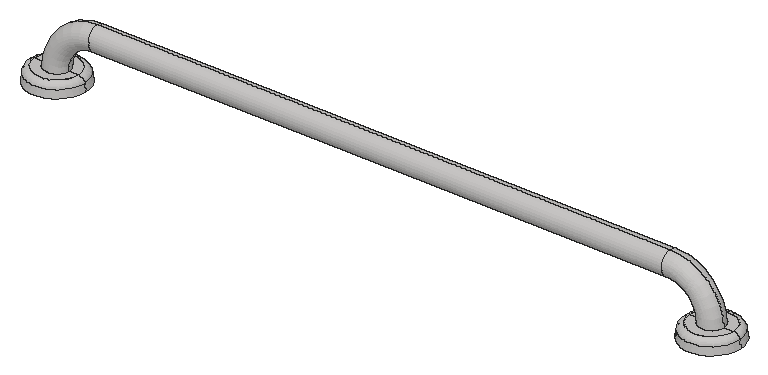
Revit family "84790040 virtu comfort grab rail 900mm", category Plumbing Fixtures, host Face, Revit 2015
Parameters (values of type "Virtu Comfort Grab Rail 900mm")
  Waste Connection = no
  Vent Connection = no
  URL = "https://www.caroma.com.au/"
  Rail_Width = 900 mm
  Rail_Height = 73 mm
  Model = "84790040"
  Material_Base = GWA_Metal-Stainless
  Manufacturer = "GWA Bathrooms & Kitchens"  # constant formula
  HW Connection = no
  Description = "Virtu Comfort Grab Rail 900mm"
  Default Elevation = 0 mm
  CreatedBy_ANZRS = "GWA Bathrooms & Kitchens"  # constant formula
  CW Connection = no
  Assembly Code = "C1030200"
Reference planes
  plane 1 "Center (Front/Back)": y = 0
  plane 2: z = 0
  plane 3 "Center (Left/Right)": x = 0
  plane 4 "Left": x = -450
  plane 5 "Right": x = 450
  plane 6 "Rail_Centre": z = 73
Forms (mm)
  Revolve 1, solid, material "GWA_Metal-Stainless" <- "Material_Base"
    sketch origin (0, 0, 0) x (1, 0, 0) y (0, 0, 1)
      loop
        line (-467, 16.9) -> (-467, 18) -> (-479.753, 18)
        arc (-479.753, 18) -> (-485.44, 15.817) -> (-488.206, 10.39) r 8.5
        line (-488.206, 10.39) -> (-489.3, 0) -> (-488.194, 0) -> (-487.112, 10.275)
        arc (-487.112, 10.275) -> (-484.704, 15) -> (-479.753, 16.9) r 7.4
        line (-479.753, 16.9) -> (-467, 16.9)
      axis (-450, 18) -> (-450, 0)
    angle from 0 to 360
  Revolve 2, solid, material "GWA_Metal-Stainless" <- "Material_Base"
    sketch origin (300, 0, 0) x (1, 0, 0) y (0, 0, 1)
      loop
        line (133, 16.9) -> (133, 18) -> (120.247, 18)
        arc (120.247, 18) -> (114.56, 15.817) -> (111.794, 10.39) r 8.5
        line (111.794, 10.39) -> (110.7, 0) -> (111.806, 0) -> (112.888, 10.275)
        arc (112.888, 10.275) -> (115.296, 15) -> (120.247, 16.9) r 7.4
        line (120.247, 16.9) -> (133, 16.9)
      axis (150, 18) -> (150, 0)
    angle from 0 to 360
  Sweep 3, solid, material "GWA_Metal-Stainless" <- "Material_Base"
    path origin (0, 0, 0) x (1, 0, 0) y (0, 0, 1)
      loop
        line (-450, 0) -> (-450, 17)
        arc (-450, 17) -> (-433.598, 56.598) -> (-394, 73) r 56
        line (-394, 73) -> (394, 73)
        arc (394, 73) -> (433.598, 56.598) -> (450, 17) r 56
        line (450, 17) -> (450, 0)
    profile origin (-450, 0, 8.5) x (-1, 0, 0) y (0, -1, 0)
      loop
        circle (0, 0) r 16
Lines and regions (mm)
  Masking region 1
    outline origin (0, 0, 40) x (-1, 0, 0) y (0, -1, 0)
      loop
        arc (414.104, -16) -> (489.3, 0) -> (414.104, 16) r 39.3
        line (414.104, 16) -> (-414.104, 16)
        arc (-414.104, 16) -> (-489.3, 0) -> (-414.104, -16) r 39.3
        line (-414.104, -16) -> (414.104, -16)
  Masking region 2
    outline origin (0, 0, 0) x (1, 0, 0) y (0, 0, 1)
      loop
        line (-489.3, 0) -> (-410.7, 0) -> (-411.792, 10.388)
        arc (-411.792, 10.388) -> (-414.558, 15.817) -> (-420.245, 18) r 8.5
        line (-420.245, 18) -> (-433.987, 18)
        arc (-433.987, 18) -> (-421.928, 45.636) -> (-394, 57) r 40
        line (-394, 57) -> (394, 57)
        arc (394, 57) -> (421.928, 45.636) -> (433.987, 18) r 40
        line (433.987, 18) -> (420.245, 18)
        arc (420.245, 18) -> (414.558, 15.817) -> (411.792, 10.388) r 8.5
        line (411.792, 10.388) -> (410.7, 0) -> (489.3, 0) -> (488.208, 10.388)
        arc (488.208, 10.388) -> (485.442, 15.817) -> (479.755, 18) r 8.5
        line (479.755, 18) -> (465.993, 18)
        arc (465.993, 18) -> (444.557, 68.264) -> (394, 89) r 72
        line (394, 89) -> (-394, 89)
        arc (-394, 89) -> (-444.557, 68.264) -> (-465.993, 18) r 72
        line (-465.993, 18) -> (-479.755, 18)
        arc (-479.755, 18) -> (-485.442, 15.817) -> (-488.208, 10.388) r 8.5
        line (-488.208, 10.388) -> (-489.3, 0)
  Masking region 3
    outline origin (0, 0, 0) x (0, 1, 0) y (0, 0, 1)
      loop
        line (-39.3, 0) -> (39.3, 0) -> (38.208, 10.388)
        arc (38.208, 10.388) -> (35.442, 15.817) -> (29.755, 18) r 8.5
        line (29.755, 18) -> (16, 18) -> (16, 73)
        arc (16, 73) -> (0, 89) -> (-16, 73) r 16
        line (-16, 73) -> (-16, 18) -> (-29.755, 18)
        arc (-29.755, 18) -> (-35.442, 15.817) -> (-38.208, 10.388) r 8.5
        line (-38.208, 10.388) -> (-39.3, 0)
  symbolic lines
    curve 1: arc (-467, 0, 40) -> (-459.758, 13.92, 40) -> (-444.203, 15.981, 40) r 17
    curve 2: arc (-444.203, -15.981, 40) -> (-459.758, -13.92, 40) -> (-467, 0, 40) r 17
    curve 3: arc (-414.104, 16, 40) -> (-489.3, 0, 40) -> (-414.104, -16, 40) r 39.3
    curve 4: arc (444.255, 16, 40) -> (467, 0, 40) -> (444.255, -16, 40) r 17
    curve 5: line (450, 16, 40) -> (414.104, 16, 40)
    curve 6: line (450, -16, 40) -> (414.104, -16, 40)
    curve 7: arc (450, 16, 40) -> (466, 0, 40) -> (450, -16, 40) r 16
    curve 8: arc (-450, -16, 40) -> (-466, 0, 40) -> (-450, 16, 40) r 16
    curve 9: arc (-444.203, 15.981, 40) -> (-467, 0, 40) -> (-444.203, -15.981, 40) r 17
    curve 10: line (-450, 16, 40) -> (-414.104, 16, 40)
    curve 11: line (-465.993, 0, 18) -> (-433.987, 0, 18)
    curve 12: line (433.987, 0, 18) -> (465.993, 0, 18)
    curve 13: line (0, -16, 18) -> (0, 16, 18)
    curve 14: line (-414.104, -16, 40) -> (-450, -16, 40)
Dimensions and locks
  "Rail_Width": plane 4 "Left" to plane 5 "Right"
  equal spacing: plane 4 "Left", plane 3 "Center (Left/Right)", plane 5 "Right"
  "Rail_Height": plane 6 "Rail_Centre" to host face
  aligned and locked: plane 2 to host face
  aligned and locked: level to host face
Automatic sketch dimensions
  host sketch curve to host sketch curve = 2438.4 mm  (x2)
  Revolve 1 sketch curve to Revolve 1 sketch curve = 0 mm  (x2)
  Revolve 1 sketch curve to level = 0 mm
  Revolve 1 sketch curve to plane 4 "Left" = 0 mm
  Revolve 1 sketch curve to plane 4 "Left" = 17 mm
  Revolve 1 sketch curve to Revolve 1 sketch curve = 12.753 mm
  level to Revolve 1 sketch curve = 10.275 mm
  Revolve 1 sketch curve to Revolve 1 sketch curve = 7.359 mm
  Revolve 1 sketch curve to Revolve 1 sketch curve = 1.082 mm
  level to Revolve 1 sketch curve = 10.39 mm
  Revolve 1 sketch curve to Revolve 1 sketch curve = 1.094 mm
  Revolve 1 sketch curve to Revolve 1 sketch curve = 1.106 mm
  Revolve 1 sketch curve to Revolve 1 sketch curve = 0.775 mm
  level to Revolve 1 sketch curve = 7.862 mm
  Revolve 1 sketch curve to Revolve 1 sketch curve = 12.173 mm
  Revolve 2 sketch curve to Revolve 2 sketch curve = 0 mm  (x2)
  Revolve 2 sketch curve to level = 0 mm
  Revolve 2 sketch curve to plane 5 "Right" = 0 mm
  Revolve 2 sketch curve to plane 5 "Right" = 17 mm
  Revolve 2 sketch curve to Revolve 2 sketch curve = 12.753 mm
  level to Revolve 2 sketch curve = 10.275 mm
  Revolve 2 sketch curve to Revolve 2 sketch curve = 7.359 mm
  Revolve 2 sketch curve to Revolve 2 sketch curve = 1.082 mm
  level to Revolve 2 sketch curve = 10.39 mm
  Revolve 2 sketch curve to Revolve 2 sketch curve = 1.094 mm
  Revolve 2 sketch curve to Revolve 2 sketch curve = 1.106 mm
  Revolve 2 sketch curve to Revolve 2 sketch curve = 0.775 mm
  level to Revolve 2 sketch curve = 7.862 mm
  Revolve 2 sketch curve to Revolve 2 sketch curve = 12.173 mm
  Sweep 3 sketch curve to plane 4 "Left" = 0 mm
  Sweep 3 sketch curve to plane 6 "Rail_Centre" = 0 mm
  Sweep 3 sketch curve to plane 5 "Right" = 0 mm
  Sweep 3 sketch curve to level = 0 mm  (x2)
  plane 4 "Left" to Sweep 3 sketch curve = 56 mm
  level to Sweep 3 sketch curve = 17 mm
  plane 1 "Center (Front/Back)" to Sweep 3 sketch curve = 0 mm
  Sweep 3 sketch curve to profile plane = 0 mm
  Masking region 1 sketch curve to plane 5 "Right" = 0 mm
  Masking region 1 sketch curve to plane 5 "Right" = 35.896 mm
  Masking region 1 sketch curve to plane 1 "Center (Front/Back)" = 16 mm
  plane 4 "Left" to Masking region 1 sketch curve = 35.896 mm
  Masking region 1 sketch curve to Masking region 1 sketch curve = 0 mm
  plane 1 "Center (Front/Back)" to Masking region 1 sketch curve = 0 mm  (x2)
  Masking region 1 sketch curve to plane 4 "Left" = 0 mm
  Masking region 2 sketch curve to Masking region 2 sketch curve = 0 mm  (x4)
  Masking region 2 sketch curve to level = 0 mm  (x2)
  Masking region 2 sketch curve to plane 4 "Left" = 39.3 mm
  level to Masking region 2 sketch curve = 10.388 mm  (x4)
  Masking region 2 sketch curve to Masking region 2 sketch curve = 1.092 mm  (x4)
  Masking region 2 sketch curve to Masking region 2 sketch curve = 8.453 mm  (x4)
  Masking region 2 sketch curve to plane 4 "Left" = 15.993 mm
  level to Masking region 2 sketch curve = 9.5 mm  (x2)
  Masking region 2 sketch curve to plane 6 "Rail_Centre" = 16 mm
  plane 5 "Right" to Masking region 2 sketch curve = 15.993 mm
  plane 5 "Right" to Masking region 2 sketch curve = 29.755 mm
  plane 4 "Left" to Masking region 2 sketch curve = 16.013 mm
  Masking region 2 sketch curve to Masking region 2 sketch curve = 0.888 mm  (x2)
  plane 6 "Rail_Centre" to Masking region 2 sketch curve = 16 mm
  Masking region 2 sketch curve to Masking region 2 sketch curve = 16.7 mm
  Masking region 2 sketch curve to Masking region 2 sketch curve = 13.742 mm  (x2)
  curve 11 to plane 4 "Left" = 15.993 mm
  level to curve 11 = 18 mm
  plane 4 "Left" to curve 11 = 16.013 mm
  curve 12 to plane 5 "Right" = 16.013 mm
  plane 5 "Right" to curve 12 = 15.993 mm
  level to curve 12 = 18 mm
  Masking region 3 sketch curve to level = 0 mm
  Masking region 3 sketch curve to plane 1 "Center (Front/Back)" = 0 mm
  plane 1 "Center (Front/Back)" to Masking region 3 sketch curve = 16 mm
  Masking region 3 sketch curve to Masking region 3 sketch curve = 13.755 mm
  level to Masking region 3 sketch curve = 10.388 mm  (x2)
  Masking region 3 sketch curve to Masking region 3 sketch curve = 8.453 mm  (x2)
  Masking region 3 sketch curve to Masking region 3 sketch curve = 1.092 mm  (x2)
  level to Masking region 3 sketch curve = 9.5 mm
  Masking region 3 sketch curve to plane 1 "Center (Front/Back)" = 29.755 mm
  Masking region 3 sketch curve to Masking region 3 sketch curve = 55 mm
  Masking region 3 sketch curve to plane 6 "Rail_Centre" = 0 mm
  plane 1 "Center (Front/Back)" to curve 13 = 16 mm
  level to curve 13 = 18 mm
  curve 13 to plane 1 "Center (Front/Back)" = 16 mm
  curve 1 to curve 2 = 0 mm
  curve 1 to curve 3 = 0 mm  (x2)
  curve 1 to curve 8 = 0 mm  (x2)
  curve 1 to curve 9 = 0 mm
  curve 4 to curve 7 = 0 mm  (x2)
  curve 6 to plane 5 "Right" = 0 mm
  plane 1 "Center (Front/Back)" to curve 8 = 0 mm
  curve 8 to plane 4 "Left" = 0 mm
  plane 1 "Center (Front/Back)" to curve 4 = 0 mm
  curve 10 to plane 1 "Center (Front/Back)" = 16 mm
  curve 5 to plane 1 "Center (Front/Back)" = 16 mm
  curve 5 to curve 4 = 5.745 mm
  curve 4 to curve 6 = 30.151 mm
  curve 4 to curve 5 = 30.151 mm
  curve 14 to curve 10 = 0 mm
  plane 4 "Left" to curve 9 = 5.797 mm  (x2)
  curve 1 to curve 1 = 17 mm
  radius of Sweep 3 sketch curve = 16 mm
